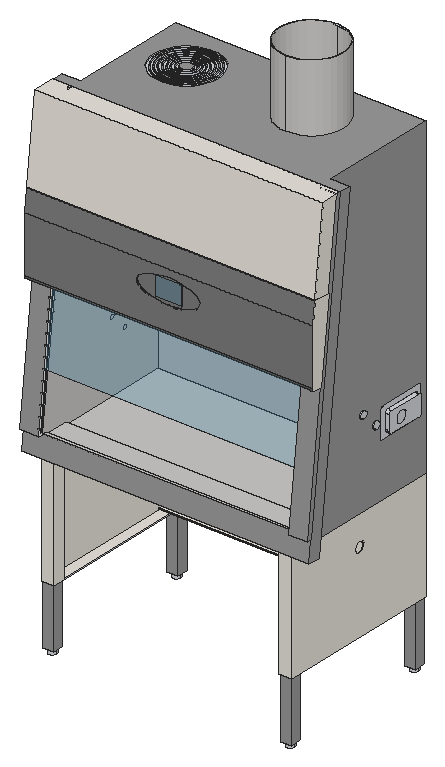
Revit family "NU-560_115V Class II Type B2 BSC", category Mechanical Equipment, Revit 2020
Family settings
  Round Connector Dimension = Use Diameter
  Part Type = Normal
  OmniClass Number = 23.75.00.00
  OmniClass Title = Climate Control (HVAC)
  Work Plane-Based = No
  Always vertical = Yes
  Cut with Voids When Loaded = No
  Shared = No
  Room Calculation Point = No
Parameters (values of type "NU-560-400")
  window width = 3' - 11 3/8"
  transition width = 1' - 9 3/8"
  transition depth = 1' - 7 1/8"
  exhaust ring inner = 0' - 5 15/16"
  exhaust door width = 1' - 7 3/16"
  crossbar = 3' - 10 9/64"
  Workzone Width = 3' - 10 3/8"
  Overall Width = 4' - 5 9/16"
  Model = "NU-560-400"
  Manufacturer = "NuAire Inc."
  INtake center = 1' - 0 3/4"
  Exhaust Filter Width = 1' - 8 1/2"
  Exhaust Diameter = 1' - 0"
  Exhaust Center = 1' - 5 1/2"
  Description = "115V Class II, Type B2 Biological Safety Cabinet"
  Default Elevation = 0' - 0"
  Cabinet Width = 3' - 10 9/16"
  Cabinet Height = 4' - 10 7/8"
  Cabinet Depth = 2' - 7 7/16"
Types (2): name | window width | transition width | exhaust door width | crossbar | Workzone Width | Overall Width | Model | INtake center | Exhaust Filter Width | Exhaust Center | Cabinet Width
  NU-560-600 | 5' - 11 7/8" | 2' - 11 3/8" | 2' - 7 3/16" | 5' - 10.1415" | 5' - 10 3/8" | 6' - 5 9/16" | "NU-560-600" | 1' - 5 3/4" | 2' - 10 1/2" | 2' - 0 1/2" | 5' - 10 9/16"
  NU-560-400 | 3' - 11 3/8" | 1' - 9 3/8" | 1' - 7 3/16" | 3' - 10 9/64" | 3' - 10 3/8" | 4' - 5 9/16" | "NU-560-400" | 1' - 0 3/4" | 1' - 8 1/2" | 1' - 5 1/2" | 3' - 10 9/16"
Reference planes (in)
  plane 1 "Center (Front/Back)": y = 0
  plane 2: z = 0
  plane 3 "Center (Left/Right)": x = 0
  plane 4: x = -23.28125
  plane 5: x = 23.28125
  plane 6: y = -31.4375
  plane 7 "Cabinet Base": z = 32.5
  plane 8 "Cabinet Top": z = 91.375
  plane 9: x = -26.78125
  plane 10: x = 26.78125
  plane 11: z = 12
  plane 12: z = 36.5
  plane 13: z = 89.703
  plane 14: z = 0.75
  plane 15: z = 12.074
  plane 16: z = 12.25
  plane 17: z = 22.21875
  plane 18: x = -23.07031
  plane 19: x = 23.07031
  plane 20: x = -23.6875
  plane 21: x = 23.6875
  plane 22: z = 68.23219
  plane 23: x = 24.3125
  plane 24: x = 23.34375
  plane 25: z = 103.9375
  plane 26: z = 91.20035
Forms (in)
  Extrusion 1, solid
    sketch origin (0, 0, 0) x (0, 1, 0) y (0, 0, 1)
      loop
        line (0, 32.5) -> (0, 91.375) -> (-24.20856, 91.375) -> (-31.4375, 32.5) -> (0, 32.5)
    from -26.78125 to 26.78125
  Extrusion 2, void
    sketch origin (0, 0, 0) x (0, 1, 0) y (0, 0, 1)
      loop
        line (-22.0676, 91.375) -> (-29.29654, 32.5) -> (0, 32.5) -> (0, 91.375) -> (-22.0676, 91.375)
    from -26.78125 to -23.28125
  Extrusion 3, void
    sketch origin (0, 0, 0) x (0, 1, 0) y (0, 0, 1)
      loop
        line (-22.0676, 91.375) -> (-29.29654, 32.5) -> (0, 32.5) -> (0, 91.375) -> (-22.0676, 91.375)
    from 23.28125 to 26.78125
  Extrusion 4, void
    sketch origin (0, 0, 0) x (0, 1, 0) y (0, 0, 1)
      loop
        line (-30.94636, 36.5) -> (-30.32136, 36.5) -> (-30.32136, 36.1875) -> (-25.69636, 36.1875) -> (-25.69636, 35.6875) -> (-4.18074, 35.6875) -> (-4.18074, 63.9375) -> (-27.57746, 63.9375) -> (-30.94636, 36.5)
    from -23.1875 to 23.1875
  Extrusion 5, solid
    sketch origin (0, -31.4375, 32.5) x (1, 0, 0) y (0, -1, 0)
      loop
        line (23.28125, -31.4375) -> (23.28125, -0.29687) -> (20.96225, -0.29687) -> (20.96225, -2.54287) -> (23.13325, -2.54287) -> (23.13325, -29.1915) -> (20.96225, -29.1915) -> (20.96225, -31.4375) -> (23.28125, -31.4375)
      loop
        line (-23.28125, -31.4375) -> (-20.96225, -31.4375) -> (-20.96225, -29.1915) -> (-23.13325, -29.1915) -> (-23.13325, -2.54287) -> (-20.96225, -2.54287) -> (-20.96225, -0.29687) -> (-23.28125, -0.29687) -> (-23.28125, -31.4375)
    from 0 to 20.5
  Extrusion 6, solid
    sketch origin (0, -31.4375, 12) x (0, 1, 0) y (1, 0, 0)
      loop
        line (0.42187, -23.15625) -> (2.42187, -23.15625) -> (2.42187, -21.15625) -> (0.42187, -21.15625) -> (0.42187, -23.15625)
      loop
        line (0.42362, 23.15625) -> (0.42362, 21.15625) -> (2.42362, 21.15625) -> (2.42362, 23.15625) -> (0.42362, 23.15625)
      loop
        line (31.3125, 23.15625) -> (29.3125, 23.15625) -> (29.3125, 21.15625) -> (31.3125, 21.15625) -> (31.3125, 23.15625)
      loop
        line (29.3125, -23.15625) -> (31.3125, -23.15625) -> (31.3125, -21.15625) -> (29.3125, -21.15625) -> (29.3125, -23.15625)
    from 0 to 11.25
  Extrusion 7, solid
    sketch origin (0, -31.4375, 0.75) x (-1, 0, 0) y (0, 1, 0)
      loop
        circle (22.15625, 1.40689) r 0.75
      loop
        circle (-22.15625, 1.42362) r 0.75
      loop
        circle (-22.15625, 30.3125) r 0.75
      loop
        circle (22.15625, 30.3125) r 0.75
    from 0 to 0.75
  Extrusion 8, void
    sketch origin (0, 0, 0) x (0, 1, 0) y (0, 0, 1)
      loop
        circle (-15.375, 27) r 1
    from -23.28125 to 23.28125
  Extrusion 9, solid
    sketch origin (0, -31.4375, 12) x (0, 1, 0) y (1, 0, 0)
      loop
        line (2.54287, 23.13325) -> (2.54287, 20.96225) -> (29.1915, 20.96225) -> (29.1915, 23.13325) -> (2.54287, 23.13325)
      loop
        line (29.1915, -20.96225) -> (2.54287, -20.96225) -> (2.54287, -23.13325) -> (29.1915, -23.13325) -> (29.1915, -20.96225)
    from 0 to -0.074
  Extrusion 10, solid
    sketch origin (0, 0, 0) x (0, 1, 0) y (0, 0, 1)
      loop
        line (-4.246, 22.21875) -> (-4.246, 22.09375) -> (-2.3085, 22.09375) -> (-2.3085, 12.375) -> (-4.246, 12.375) -> (-4.246, 12.25) -> (-2.246, 12.25) -> (-2.246, 22.21875) -> (-4.246, 22.21875)
    from -23.07031 to 23.07031
  Extrusion 11, solid
    sketch origin (0, 0, 0) x (0, 1, 0) y (0, 0, 1)
      loop
        line (-30.97451, 36.27075) -> (-24.20856, 91.375) -> (-25.02968, 91.375) -> (-31.78343, 36.37008) -> (-30.97451, 36.27075)
    from 23.28125 to 26.78125
  Extrusion 12, solid
    sketch origin (-26.78125, 0, 0) x (0, -1, 0) y (0, 0, 1)
      loop
        line (24.20856, 91.375) -> (30.97451, 36.27075) -> (31.78343, 36.37008) -> (25.02968, 91.375) -> (24.20856, 91.375)
    from 0 to -3.5
  Extrusion 13, void
    sketch origin (0, 0.01127, -0.00138) x (0, 1, 0) y (0, 0, 1)
      loop
        line (-31.06811, 36.53412) -> (-24.33433, 91.37638) -> (-24.7647, 91.37638) -> (-31.49209, 36.58618) -> (-31.06811, 36.53412)
    from -23.6875 to 23.6875
  Extrusion 14, solid
    sketch origin (0, 0, 0) x (0, 1, 0) y (0, 0, 1)
      loop
        line (-29.83815, 46.4582) -> (-26.28092, 75.3651) -> (-26.46701, 75.388) -> (-30.02425, 46.48105) -> (-29.83815, 46.4582)
    from -23.6875 to 23.6875
  Extrusion 15, solid
    sketch origin (0, 0, 0) x (0, 1, 0) y (0, 0, 1)
      loop
        line (-25.02968, 91.375) -> (-24.20856, 91.375) -> (-24.20856, 91.4375) -> (-28.29641, 91.4375) -> (-30.18251, 76.07644) -> (-26.95674, 75.68036) -> (-25.02968, 91.375)
      loop
        line (-26.97197, 75.5563) -> (-30.19775, 75.95237) -> (-30.68522, 71.98219) -> (-30.68522, 61.39724)
        arc (-30.68522, 61.39724) -> (-30.54401, 61.02451) -> (-30.19128, 60.83893) r 0.5625
        line (-30.19128, 60.83893) -> (-28.80001, 60.6681) -> (-26.97197, 75.5563)
    from -26.78125 to 26.78125
  Extrusion 16, void
    sketch origin (0, -30.68522, 71.98219) x (0, 0, 1) y (1, 0, 0)
      loop
        spline (-3.71919, -5.96875) -> (-3.10786, -5.76537) -> (-2.53819, -5.16909) -> (-2.049, -4.22054) -> (-1.67363, -2.98438) -> (-1.43767, -1.54483) -> (-1.35719, 0) -> (-1.43767, 1.54483) -> (-1.67363, 2.98437) -> (-2.049, 4.22054) -> (-2.53819, 5.16909) -> (-3.10786, 5.76537) -> (-3.71919, 5.96875)
        spline (-3.71919, 5.96875) -> (-4.33052, 5.76537) -> (-4.90019, 5.16909) -> (-5.38937, 4.22054) -> (-5.76474, 2.98437) -> (-6.0007, 1.54483) -> (-6.08119, 0) -> (-6.0007, -1.54483) -> (-5.76474, -2.98438) -> (-5.38937, -4.22054) -> (-4.90019, -5.16909) -> (-4.33052, -5.76537) -> (-3.71919, -5.96875)
    from 0 to 0.07687
  Extrusion 17, void
    sketch origin (0, 0, 0) x (0, 1, 0) y (0, 0, 1)
      loop
        circle (-11.846, 45.958) r 0.5
      loop
        circle (-14.842, 48.958) r 0.5
    from -23.28125 to 23.28125
  Extrusion 18, solid
    sketch origin (-0.214, 0, 0) x (0, 1, 0) y (0, 0, 1)
      loop
        arc (-10.1875, 48.25) -> (-10.36428, 48.17678) -> (-10.4375, 48) r 0.25
        line (-10.4375, 48) -> (-10.4375, 43)
        arc (-10.4375, 43) -> (-10.36428, 42.82322) -> (-10.1875, 42.75) r 0.25
        line (-10.1875, 42.75) -> (-1.6875, 42.75)
        arc (-1.6875, 42.75) -> (-1.51072, 42.82322) -> (-1.4375, 43) r 0.25
        line (-1.4375, 43) -> (-1.4375, 48)
        arc (-1.4375, 48) -> (-1.51072, 48.17678) -> (-1.6875, 48.25) r 0.25
        line (-1.6875, 48.25) -> (-10.1875, 48.25)
      loop
        arc (-9.0625, 47.375) -> (-9.41605, 47.22855) -> (-9.5625, 46.875) r 0.5
        line (-9.5625, 46.875) -> (-9.5625, 44.125)
        arc (-9.5625, 44.125) -> (-9.41605, 43.77145) -> (-9.0625, 43.625) r 0.5
        line (-9.0625, 43.625) -> (-2.8125, 43.625)
        arc (-2.8125, 43.625) -> (-2.45895, 43.77145) -> (-2.3125, 44.125) r 0.5
        line (-2.3125, 44.125) -> (-2.3125, 46.875)
        arc (-2.3125, 46.875) -> (-2.45895, 47.22855) -> (-2.8125, 47.375) r 0.5
        line (-2.8125, 47.375) -> (-9.0625, 47.375)
    from 23.49525 to 23.55775
  Extrusion 19, solid
    sketch origin (23.28125, 0, 0) x (0, 1, 0) y (0, 0, 1)
      loop
        arc (-9.0625, 47.375) -> (-9.41605, 47.22855) -> (-9.5625, 46.875) r 0.5
        line (-9.5625, 46.875) -> (-9.5625, 44.125)
        arc (-9.5625, 44.125) -> (-9.41605, 43.77145) -> (-9.0625, 43.625) r 0.5
        line (-9.0625, 43.625) -> (-2.8125, 43.625)
        arc (-2.8125, 43.625) -> (-2.45895, 43.77145) -> (-2.3125, 44.125) r 0.5
        line (-2.3125, 44.125) -> (-2.3125, 46.875)
        arc (-2.3125, 46.875) -> (-2.45895, 47.22855) -> (-2.8125, 47.375) r 0.5
        line (-2.8125, 47.375) -> (-9.0625, 47.375)
    from 0 to 1.03125
  Extrusion 20, void
    sketch origin (0, 0, 0) x (0, 1, 0) y (0, 0, 1)
      loop
        circle (-6.9375, 45.5) r 1.12448
    from 24.20767 to 24.3125
  Extrusion 21, solid
    sketch origin (1.48425, -3.8441, 96.375) x (0, -1, 0) y (1, 0, 0)
      loop
        circle (5.1559, 7.797) r 6
      loop
        circle (5.1559, 7.797) r 5.9375
    from -5 to 7.5625
  Extrusion 22, solid
    sketch origin (0, -22.0676, 91.375) x (0, -0.121869, -0.992546) y (-1, 0, 0)
      loop
        circle (57.52663, 24.96723) r 0.5
    from 0 to 0.0987
  Extrusion 23, solid
    sketch origin (0, 0, 0) x (0, 1, 0) y (0, 0, 1)
      loop
        circle (-11.846, 45.958) r 0.625
      loop
        circle (-14.846, 48.954) r 0.625
    from 23.28125 to 23.6875
  Extrusion 24, solid
    sketch origin (-23.28125, 0, 0) x (0, -1, 0) y (0, 0, 1)
      loop
        circle (14.84766, 48.954) r 0.625
      loop
        circle (11.846, 45.95312) r 0.625
    from 0 to 0.40625
  Extrusion 25, void
    sketch origin (0, 0, 91.375) x (1, 0, 0) y (0, -1, 0)
      loop
        circle (-14.03125, 9.02403) r 6
      loop
        circle (-14.03125, 9.02403) r 5.5
      loop
        circle (-14.03125, 9.02403) r 5.375
      loop
        circle (-14.03125, 9.02403) r 4.875
      loop
        circle (-14.03125, 9.02403) r 4.75
      loop
        circle (-14.03125, 9.02403) r 4.25
      loop
        circle (-14.03125, 9.02403) r 4.125
      loop
        circle (-14.03125, 9.02403) r 3.625
      loop
        circle (-14.03125, 9.02403) r 3.5
      loop
        circle (-14.03125, 9.02403) r 3
      loop
        circle (-14.03125, 9.02403) r 2.875
      loop
        circle (-14.03125, 9.02403) r 2.375
      loop
        circle (-14.03125, 9.02403) r 2.25
      loop
        circle (-14.03125, 9.02403) r 1.75
      loop
        circle (-14.03125, 9.02403) r 1.625
      loop
        circle (-14.03125, 9.02403) r 1.125
    from 0 to 0.17465
  Extrusion 26, solid
    sketch origin (0, 0, 0) x (1, 0, 0) y (0, 0, 1)
      loop
        line (-2.375, 70.15372) -> (-2.375, 66.52872) -> (2.375, 66.52872) -> (2.375, 70.15372) -> (-2.375, 70.15372)
    from 30.60836 to 30.68522
Cuts and joins
  Extrusion 2, Extrusion 3, Extrusion 4, Extrusion 16, Extrusion 17, Extrusion 25 cuts Extrusion 1
  Extrusion 8 cuts Extrusion 5
  Extrusion 13, Extrusion 17 cuts Extrusion 12
  Extrusion 13 cuts Extrusion 11
  Extrusion 16 cuts Extrusion 14
  Extrusion 16 cuts Extrusion 15
  Extrusion 20 cuts Extrusion 19
  joined: Extrusion 18, Extrusion 19
Dimensions and locks (in)
  equal spacing: plane 4, plane 3 "Center (Left/Right)", plane 5
  "Cabinet Width": plane 4 to plane 5
  "Cabinet Depth": plane 1 "Center (Front/Back)" to plane 6
  "Cabinet Height": plane 8 "Cabinet Top" to plane 7 "Cabinet Base"
  equal spacing: plane 10, plane 3 "Center (Left/Right)", plane 9
  "Overall Width": plane 10 to plane 9
  plane 7 "Cabinet Base" to Extrusion 1 = 4' - 10 7/8"
  locked: Extrusion 2 sketch curve to Extrusion 1 at 2.125
  Extrusion 2 to plane 7 "Cabinet Base" = 4' - 10 7/8"
  locked: cut or joined group of Extrusion 1, Extrusion 2, Extrusion 3, Extrusion 4, Extrusion 16, Extrusion 17, Extrusion 25 to Extrusion 3 sketch curve at 2.125
  Extrusion 3 to plane 7 "Cabinet Base" = 4' - 10 7/8"
  plane 7 "Cabinet Base" to level = 2' - 8 1/2"
  equal spacing: cut or joined group of Extrusion 1, Extrusion 2, Extrusion 3, Extrusion 4, Extrusion 16, Extrusion 17, Extrusion 25, plane 3 "Center (Left/Right)", cut or joined group of Extrusion 1, Extrusion 2, Extrusion 3, Extrusion 4, Extrusion 16, Extrusion 17, Extrusion 25
  "Workzone Width": cut or joined group of Extrusion 1, Extrusion 2, Extrusion 3, Extrusion 4, Extrusion 16, Extrusion 17, Extrusion 25 to cut or joined group of Extrusion 1, Extrusion 2, Extrusion 3, Extrusion 4, Extrusion 16, Extrusion 17, Extrusion 25
  locked: Extrusion 5 to Extrusion 6 sketch curve at 0.125
  locked: Extrusion 6 sketch curve to Extrusion 5 at 0.125  (x4)
  Extrusion 6 sketch curve to Extrusion 6 sketch curve = 0' - 2"  (x8)
  Extrusion 5 to Extrusion 6 sketch curve = 0' - 0 1/8"  (x2)
  Extrusion 5 to Extrusion 6 sketch curve = 0' - 0.12674"
  Extrusion 7 sketch curve to Extrusion 6 = 0' - 1"  (x2)
  Extrusion 6 to Extrusion 7 sketch curve = 0' - 0.98502"
  Extrusion 6 to Extrusion 7 sketch curve = 0' - 1"  (x5)
  Extrusion 5 to Extrusion 8 sketch curve = 0' - 5 1/2"
  Extrusion 5 to Extrusion 8 sketch curve = 1' - 3 3/8"
  equal spacing: plane 19, plane 3 "Center (Left/Right)", plane 18
  "crossbar": plane 19 to plane 18
  cut or joined group of Extrusion 1, Extrusion 2, Extrusion 3, Extrusion 4, Extrusion 16, Extrusion 17, Extrusion 25 to Extrusion 11 sketch curve = 0' - 0.815"
  Extrusion 12 to Extrusion 13 sketch curve = 0' - 0.11365"
  Extrusion 13 sketch curve to Extrusion 13 sketch curve = 0' - 0.42716"
  Extrusion 12 to Extrusion 13 sketch curve = 0' - 0 1/4"
  equal spacing: plane 21, plane 3 "Center (Left/Right)", plane 20
  "window width": plane 21 to plane 20
  cut or joined group of Extrusion 12, Extrusion 13, Extrusion 17 to Extrusion 14 sketch curve to Extrusion 14 sketch curve = 0' - 10", 2' - 5 1/8" locked
  equal spacing: Extrusion 14, plane 3 "Center (Left/Right)", Extrusion 14
  "window width": Extrusion 14 to Extrusion 14
  locked: Extrusion 15 sketch curve to Extrusion 15 sketch curve at 15
  locked: Extrusion 15 sketch curve to Extrusion 15 sketch curve at 4
  Extrusion 15 sketch curve to Extrusion 15 sketch curve = 2' - 6 15/16"
  equal spacing: Extrusion 15, plane 3 "Center (Left/Right)", Extrusion 15
  "Overall Width": Extrusion 15 to Extrusion 15
  equal spacing: plane 10, Extrusion 16 sketch curve, plane 9
  Extrusion 17 sketch curve to cut or joined group of Extrusion 1, Extrusion 2, Extrusion 3, Extrusion 4, Extrusion 16, Extrusion 17, Extrusion 25 = 1' - 2.842"
  Extrusion 17 sketch curve to cut or joined group of Extrusion 5, Extrusion 8 = 1' - 1.458"
  Extrusion 17 sketch curve to cut or joined group of Extrusion 5, Extrusion 8 = 1' - 4.458"
  Extrusion 18 sketch curve to cut or joined group of Extrusion 1, Extrusion 2, Extrusion 3, Extrusion 4, Extrusion 16, Extrusion 17, Extrusion 25 = 0' - 1 7/16"
  Extrusion 18 sketch curve to Extrusion 18 sketch curve = 0' - 9"
  Extrusion 18 sketch curve to cut or joined group of Extrusion 5, Extrusion 8 = 0' - 10 1/4"
  Extrusion 18 sketch curve to Extrusion 18 sketch curve = 0' - 5 1/2"
  Extrusion 18 sketch curve to Extrusion 18 sketch curve = 0' - 3 3/4"
  Extrusion 18 sketch curve to Extrusion 18 sketch curve = 0' - 7 1/4"
  Extrusion 18 sketch curve to Extrusion 18 sketch curve = 0' - 0 7/8"
  plane 10 to plane 23 to cut or joined group of Extrusion 1, Extrusion 2, Extrusion 3, Extrusion 4, Extrusion 16, Extrusion 17, Extrusion 25 = 0' - 2 15/32" locked, 0' - 1 1/32" locked
  Extrusion 20 sketch curve to cut or joined group of Extrusion 5, Extrusion 8 = 1' - 1"
  Extrusion 20 sketch curve to cut or joined group of Extrusion 1, Extrusion 2, Extrusion 3, Extrusion 4, Extrusion 16, Extrusion 17, Extrusion 25 = 0' - 6 15/16"
  plane 23 to plane 24 to cut or joined group of Extrusion 18, Extrusion 19, Extrusion 20 = 0' - 0 31/32" locked, 0' - 0 1/16" locked
  locked: cut or joined group of Extrusion 18, Extrusion 19, Extrusion 20 to cut or joined group of Extrusion 18, Extrusion 19, Extrusion 20 at 0.10483
  locked: cut or joined group of Extrusion 1, Extrusion 2, Extrusion 3, Extrusion 4, Extrusion 16, Extrusion 17, Extrusion 25 to plane 23 at 1.03125
  "Exhaust Center": Extrusion 21 sketch curve to cut or joined group of Extrusion 1, Extrusion 2, Extrusion 3, Extrusion 4, Extrusion 16, Extrusion 17, Extrusion 25
  cut or joined group of Extrusion 1, Extrusion 2, Extrusion 3, Extrusion 4, Extrusion 16, Extrusion 17, Extrusion 25 to Extrusion 21 sketch curve = 0' - 9"  (x2)
  Extrusion 22 sketch curve to cut or joined group of Extrusion 1, Extrusion 2, Extrusion 3, Extrusion 4, Extrusion 16, Extrusion 17, Extrusion 25 = 0' - 1.79051"
  cut or joined group of Extrusion 1, Extrusion 2, Extrusion 3, Extrusion 4, Extrusion 16, Extrusion 17, Extrusion 25 to Extrusion 22 sketch curve = 0' - 1.81402"
  Extrusion 17 sketch curve to cut or joined group of Extrusion 1, Extrusion 2, Extrusion 3, Extrusion 4, Extrusion 16, Extrusion 17, Extrusion 25 = 0' - 11.846"
  Extrusion 23 sketch curve to cut or joined group of Extrusion 5, Extrusion 8 = 1' - 1.458"
  Extrusion 23 sketch curve to cut or joined group of Extrusion 5, Extrusion 8 = 1' - 4.454"
  Extrusion 23 sketch curve to cut or joined group of Extrusion 1, Extrusion 2, Extrusion 3, Extrusion 4, Extrusion 16, Extrusion 17, Extrusion 25 = 0' - 11.846"
  Extrusion 23 sketch curve to cut or joined group of Extrusion 1, Extrusion 2, Extrusion 3, Extrusion 4, Extrusion 16, Extrusion 17, Extrusion 25 = 1' - 2.846"
  Extrusion 24 sketch curve to cut or joined group of Extrusion 5, Extrusion 8 = 1' - 1 29/64"
  Extrusion 24 sketch curve to cut or joined group of Extrusion 5, Extrusion 8 = 1' - 4.454"
  cut or joined group of Extrusion 1, Extrusion 2, Extrusion 3, Extrusion 4, Extrusion 16, Extrusion 17, Extrusion 25 to Extrusion 24 sketch curve = 0' - 11.846"
  cut or joined group of Extrusion 1, Extrusion 2, Extrusion 3, Extrusion 4, Extrusion 16, Extrusion 17, Extrusion 25 to Extrusion 24 sketch curve = 1' - 2 217/256"
  cut or joined group of Extrusion 1, Extrusion 2, Extrusion 3, Extrusion 4, Extrusion 16, Extrusion 17, Extrusion 25 to Extrusion 25 sketch curve = 0' - 9.02403"
  "INtake center": cut or joined group of Extrusion 15, Extrusion 16 to Extrusion 25 sketch curve
  Extrusion 26 sketch curve to Extrusion 26 sketch curve = 0' - 4 3/4"
  Extrusion 26 sketch curve to Extrusion 26 sketch curve = 0' - 3 5/8"
  equal spacing: Extrusion 26 sketch curve, plane 3 "Center (Left/Right)", Extrusion 26 sketch curve
  "Exhaust Diameter": diameter of Extrusion 21 sketch curve
  "exhaust ring inner": radius of Extrusion 21 sketch curve
  locked: plane 6 to Extrusion 1 sketch curve (angle 7.00°)
  aligned and locked: level to plane 2
  aligned and locked: plane 1 "Center (Front/Back)" to Extrusion 1 sketch curve
  aligned and locked: plane 8 "Cabinet Top" to Extrusion 1 sketch curve
  aligned and locked: plane 7 "Cabinet Base" to Extrusion 1 sketch curve
  aligned and locked: Extrusion 1 to plane 9
  aligned and locked: Extrusion 1 to plane 10
  aligned and locked: Extrusion 2 sketch curve to Extrusion 1  (x3)
  aligned and locked: Extrusion 2 to plane 9
  aligned and locked: plane 4 to Extrusion 2
  aligned and locked: cut or joined group of Extrusion 1, Extrusion 2, Extrusion 3, Extrusion 4, Extrusion 16, Extrusion 17, Extrusion 25 to Extrusion 3 sketch curve  (x2)
  aligned and locked: Extrusion 3 sketch curve to cut or joined group of Extrusion 1, Extrusion 2, Extrusion 3, Extrusion 4, Extrusion 16, Extrusion 17, Extrusion 25
  aligned and locked: Extrusion 3 to plane 10
  aligned and locked: Extrusion 3 to plane 5
  aligned and locked: Extrusion 5 to plane 11
  aligned and locked: Extrusion 5 to plane 7 "Cabinet Base"
  aligned and locked: plane 14 to Extrusion 6
  aligned and locked: Extrusion 7 to level
  aligned and locked: plane 5 to Extrusion 8
  aligned and locked: Extrusion 8 to plane 4
  aligned and locked: Extrusion 9 sketch curve to cut or joined group of Extrusion 5, Extrusion 8  (x8)
  aligned and locked: plane 15 to Extrusion 9
  aligned and locked: Extrusion 10 to plane 18
  aligned and locked: plane 19 to Extrusion 10
  aligned and locked: plane 8 "Cabinet Top" to Extrusion 11 sketch curve
  aligned and locked: Extrusion 11 to plane 10
  aligned and locked: Extrusion 11 to plane 5
  aligned and locked: plane 8 "Cabinet Top" to Extrusion 12 sketch curve
  aligned and locked: cut or joined group of Extrusion 1, Extrusion 2, Extrusion 3, Extrusion 4, Extrusion 16, Extrusion 17, Extrusion 25 to Extrusion 12 sketch curve
  aligned and locked: Extrusion 12 sketch curve to Extrusion 11  (x2)
  aligned and locked: plane 4 to Extrusion 12
  aligned and locked: Extrusion 13 to plane 20
  aligned and locked: Extrusion 13 to plane 21
  aligned and locked: Extrusion 13 to plane 8 "Cabinet Top"
  aligned and locked: plane 5 to Extrusion 17
  aligned and locked: Extrusion 17 to plane 4
  aligned and locked: Extrusion 18 to plane 5
  aligned and locked: Extrusion 18 to Extrusion 19 sketch curve  (x4)
  aligned and locked: Extrusion 19 to plane 23
  aligned and locked: Extrusion 20 to plane 23
  aligned and locked: Extrusion 19 to plane 5
  aligned and locked: Extrusion 18 to plane 24
  aligned and locked: Extrusion 21 to plane 25
  aligned and locked: Extrusion 23 to plane 5
  aligned and locked: Extrusion 24 to plane 20
  aligned and locked: plane 21 to Extrusion 23
  aligned and locked: plane 8 "Cabinet Top" to Extrusion 21
  aligned and locked: Extrusion 25 to plane 26
  aligned and locked: cut or joined group of Extrusion 15, Extrusion 16 to Extrusion 26  (x2)
Automatic sketch dimensions
  Extrusion 1 sketch curve to plane 6 = 0' - 0"
  plane 12 to Extrusion 4 sketch curve = 0' - 0"
  plane 6 to Extrusion 4 sketch curve = 0' - 0.49114"
  plane 12 to Extrusion 4 sketch curve = 0' - 0 5/16"
  Extrusion 4 sketch curve to Extrusion 4 sketch curve = 0' - 0 5/8"
  plane 6 to Extrusion 4 sketch curve = 0' - 3.86004"
  plane 12 to Extrusion 4 sketch curve = 0' - 0 13/16"
  Extrusion 4 sketch curve to Extrusion 4 sketch curve = 0' - 4 5/8"
  plane 1 "Center (Front/Back)" to Extrusion 4 sketch curve = 0' - 4.18074"
  Extrusion 4 sketch curve to plane 13 = 2' - 1.7655"
  Extrusion 1 to Extrusion 5 sketch curve = 0' - 0"  (x2)
  Extrusion 5 sketch curve to Extrusion 1 = 0' - 3 1/2"
  Extrusion 5 sketch curve to Extrusion 5 sketch curve = 0' - 0.148"  (x2)
  Extrusion 5 sketch curve to Extrusion 5 sketch curve = 0' - 2.171"  (x3)
  Extrusion 1 to Extrusion 5 sketch curve = 0' - 2.246"  (x2)
  Extrusion 5 sketch curve to Extrusion 1 = 0' - 5.819"  (x2)
  Extrusion 5 sketch curve to Extrusion 1 = 0' - 0 19/64"  (x2)
  Extrusion 5 sketch curve to Extrusion 5 sketch curve = 0' - 2.246"  (x2)
  Extrusion 10 sketch curve to plane 17 = 0' - 0"
  Extrusion 10 sketch curve to plane 16 = 0' - 0"
  plane 1 "Center (Front/Back)" to Extrusion 10 sketch curve = 0' - 4.246"  (x2)
  plane 16 to Extrusion 10 sketch curve = 0' - 0 1/8"
  Extrusion 10 sketch curve to Extrusion 10 sketch curve = 0' - 1 15/16"
  Extrusion 10 sketch curve to Extrusion 10 sketch curve = 0' - 0 1/16"
  Extrusion 10 sketch curve to Extrusion 10 sketch curve = 0' - 0 1/8"
  plane 6 to Extrusion 11 sketch curve = 0' - 0.46299"
  Extrusion 11 sketch curve to plane 6 = 0' - 0.34593"
  plane 8 "Cabinet Top" to Extrusion 13 sketch curve = 0' - 0"
  Extrusion 14 sketch curve to Extrusion 14 sketch curve = 0' - 0.1861"
  plane 6 to Extrusion 14 sketch curve = 0' - 1.41325"
  plane 6 to Extrusion 14 sketch curve = 0' - 4.97049"
  level to Extrusion 14 sketch curve = 6' - 3.3651"
  plane 8 "Cabinet Top" to Extrusion 15 sketch curve = 0' - 0"
  Extrusion 15 sketch curve to Extrusion 15 sketch curve = 0' - 0.01523"  (x2)
  Extrusion 15 sketch curve to Extrusion 15 sketch curve = 0' - 1.39126"
  Extrusion 15 sketch curve to plane 8 "Cabinet Top" = 0' - 0 1/16"
  Extrusion 15 sketch curve to Extrusion 15 sketch curve = 0' - 0.82112"
  Extrusion 15 sketch curve to Extrusion 15 sketch curve = 0' - 0.12407"
  plane 6 to Extrusion 15 sketch curve = 0' - 0.75228"
  plane 6 to Extrusion 15 sketch curve = 0' - 1.23975"
  Extrusion 15 sketch curve to Extrusion 15 sketch curve = 0' - 0.49395"
  plane 6 to Extrusion 15 sketch curve = 0' - 3.14109"
  Extrusion 16 sketch curve to Extrusion 15 = 0' - 3.71919"
  Extrusion 16 sketch curve to Extrusion 16 sketch curve = 0' - 5 31/32"
  Extrusion 18 sketch curve to Extrusion 18 sketch curve = 0' - 0 1/4"  (x4)
  Extrusion 18 sketch curve to Extrusion 18 sketch curve = 0' - 0 5/8"
  Extrusion 18 sketch curve to Extrusion 18 sketch curve = 0' - 0 1/2"  (x4)
  Extrusion 19 sketch curve to Extrusion 19 sketch curve = 0' - 0 1/2"  (x4)
  Extrusion 26 sketch curve to plane 22 = 0' - 1.70347"
  Extrusion 21 sketch curve to Extrusion 21 sketch curve = 0' - 0"
  Extrusion 25 sketch curve to Extrusion 25 sketch curve = 0' - 0"  (x30)
  radius of Extrusion 7 sketch curve = 0' - 0 3/4"  (x4)
  radius of Extrusion 8 sketch curve = 0' - 1"
  radius of Extrusion 17 sketch curve = 0' - 0 1/2"  (x2)
  radius of Extrusion 20 sketch curve = 0' - 1.12448"
  radius of Extrusion 22 sketch curve = 0' - 0 1/2"
  radius of Extrusion 23 sketch curve = 0' - 0 5/8"  (x2)
  radius of Extrusion 24 sketch curve = 0' - 0 5/8"  (x2)
  radius of Extrusion 25 sketch curve = 0' - 6"
  radius of Extrusion 25 sketch curve = 0' - 5 1/2"
  radius of Extrusion 25 sketch curve = 0' - 5 3/8"
  radius of Extrusion 25 sketch curve = 0' - 4 7/8"
  radius of Extrusion 25 sketch curve = 0' - 4 3/4"
  radius of Extrusion 25 sketch curve = 0' - 4 1/4"
  radius of Extrusion 25 sketch curve = 0' - 4 1/8"
  radius of Extrusion 25 sketch curve = 0' - 3 5/8"
  radius of Extrusion 25 sketch curve = 0' - 3 1/2"
  radius of Extrusion 25 sketch curve = 0' - 3"
  radius of Extrusion 25 sketch curve = 0' - 2 7/8"
  radius of Extrusion 25 sketch curve = 0' - 2 3/8"
  radius of Extrusion 25 sketch curve = 0' - 2 1/4"
  radius of Extrusion 25 sketch curve = 0' - 1 3/4"
  radius of Extrusion 25 sketch curve = 0' - 1 5/8"
  radius of Extrusion 25 sketch curve = 0' - 1 1/8"
Connectors (in)
  hvac at (9.28125, -9, 103.9375), driven by "Exhaust Diameter"
    settings: on Extrusion 21, index 1, duct flow 0 CFM, flow factor 0, pres drop 0.00 in-wg, loss coef 0, conn angle 0.00°, conn width 12", conn height 12", conn diameter 12", duct sys type 3, conn prof type 0, flow config 0, flow direction 2, loss method 0, conn ref index -1, conn util no, is conn primary yes, conn desc ""
  piping at (23.6875, -11.846, 45.958), diameter 0.875
    settings: on Extrusion 23, index 2, connector inside diameter 24", connector length 0' - 0", flow factor 0, pipe flow 0 GPM, pressure drop 0.00 psi, fitting loss kfactor 0, connector angle 0.00°, fixture units 0, engagement length 0' - 0", angle of deflection 0.00°, flow configuration 0, flow direction 1, fitting loss method 0, system type 28, joint type 0, gender type 0, connector reference index -1, connector utility 0, adjustable connector no, is connector primary yes, connector description ""
  piping at (23.6875, -14.846, 48.954), diameter 0.875
    settings: on Extrusion 23, index 3, connector inside diameter 24", connector length 0' - 0", flow factor 0, pipe flow 0 GPM, pressure drop 0.00 psi, fitting loss kfactor 0, connector angle 0.00°, fixture units 0, engagement length 0' - 0", angle of deflection 0.00°, flow configuration 0, flow direction 0, fitting loss method 0, system type 28, joint type 0, gender type 0, connector reference index -1, connector utility 0, adjustable connector no, is connector primary no, connector description ""
  electrical at (-24.96723, -28.98037, 34.26514)
    settings: on Extrusion 22, index 4, voltage 115 V, apparent load 0 VA, apparent load phase1 0 VA, apparent load phase2 0 VA, apparent load phase3 0 VA, power factor 1, load classification "Power", number of poles 2, system type 31, power factor state 1, is connector primary yes, connector utility yes, sub classification motor no, connector description ""
